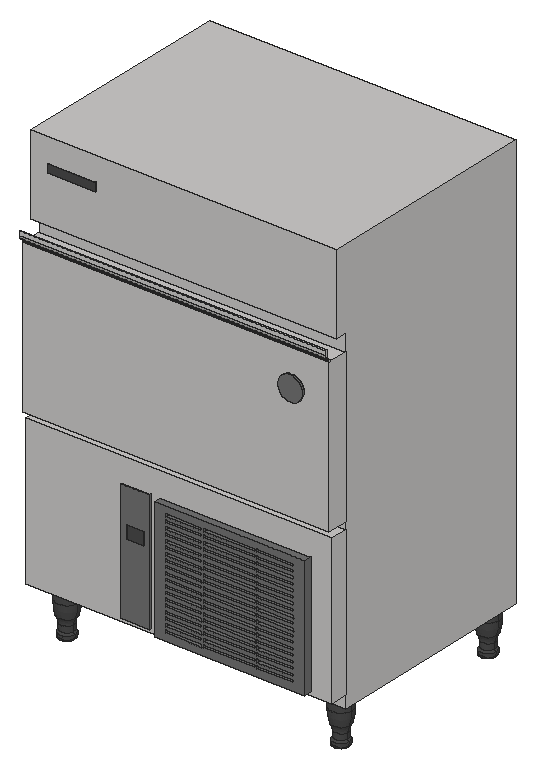
Revit family "QF_MACOM_HOSIM65NELM-2M", category Equipamento especial, Revit 2020 (continued)
Definition of nested family "QF_LOGO_HOSHIZAKI 1"
  Forms (mm)
    Extrusion 3, solid, not visible
      sketch origin (3085.008, -419.1, 126.552) x (1, 0, 0) y (0, 0, 1)
        loop
          line (686.067, 880.562) -> (686.409, 882.504)
          arc (686.409, 882.504) -> (686.179, 883.527) -> (685.288, 884.082) r 1.36
          line (685.288, 884.082) -> (683.311, 884.082)
        loop
          line (697.315, 880.397) -> (705.163, 880.397) -> (705.83, 882.373)
          arc (705.83, 882.373) -> (705.81, 884.438) -> (704.369, 885.917) r 2.775
          arc (704.369, 885.917) -> (703.131, 886.318) -> (701.837, 886.453) r 6.247
          line (701.837, 886.453) -> (697.664, 886.453)
          arc (697.664, 886.453) -> (696.133, 885.971) -> (694.779, 885.108) r 6.149
          arc (694.779, 885.108) -> (693.158, 882.996) -> (692.582, 880.397) r 6.149
          line (692.582, 880.397) -> (692.582, 877.437)
          arc (692.582, 877.437) -> (693.831, 876.188) -> (695.537, 875.731) r 3.412
          line (695.537, 875.731) -> (700.8, 875.731)
          arc (700.8, 875.731) -> (701.919, 875.863) -> (702.976, 876.252) r 4.807
          line (702.976, 876.252) -> (704.368, 879.237)
          arc (704.368, 879.237) -> (703.187, 878.73) -> (701.946, 878.396) r 8.986
          arc (701.946, 878.396) -> (699.995, 878.067) -> (698.044, 878.396) r 5.947
          arc (698.044, 878.396) -> (697.101, 879.186) -> (697.315, 880.397) r 1.229
        loop
          line (698.099, 882.153) -> (701.551, 882.153) -> (701.706, 883.03)
          arc (701.706, 883.03) -> (700.776, 883.982) -> (699.45, 884.082) r 1.885
          arc (699.45, 884.082) -> (698.436, 883.354) -> (698.099, 882.153) r 1.885
        loop
          line (709.07, 888.383) -> (705.783, 876.116) -> (710.856, 876.116) -> (714.143, 888.383) -> (709.07, 888.383)
        loop
          line (714.674, 880.397) -> (713.424, 875.731) -> (718.092, 875.731) -> (719.342, 880.397) -> (722.293, 880.397) -> (723.385, 883.631) -> (720.476, 883.631)
          arc (720.476, 883.631) -> (720.276, 884.339) -> (720.578, 885.009) r 1.075
          arc (720.578, 885.009) -> (722.147, 885.576) -> (723.803, 885.364) r 3.553
          line (723.803, 885.364) -> (724.8, 888.318)
          arc (724.8, 888.318) -> (721.29, 888.77) -> (717.78, 888.318) r 13.855
          arc (717.78, 888.318) -> (716.496, 886.966) -> (715.822, 885.227) r 4.811
          line (715.822, 885.227) -> (715.541, 883.631) -> (714.095, 883.631) -> (713.228, 880.397) -> (714.674, 880.397)
        loop
          arc (730.211, 886.398) -> (727.934, 886.087) -> (725.658, 886.398) r 8.498
          line (725.658, 886.398) -> (722.8, 875.731) -> (727.353, 875.731) -> (730.211, 886.398)
        loop
          arc (726.541, 889.303) -> (725.855, 888.282) -> (726.541, 887.26) r 1.104
          line (726.541, 887.26) -> (730.442, 887.26)
          arc (730.442, 887.26) -> (731.176, 888.158) -> (730.989, 889.303) r 1.412
          line (730.989, 889.303) -> (726.541, 889.303)
        loop
          line (735.415, 880.397) -> (743.263, 880.397) -> (743.93, 882.373)
          arc (743.93, 882.373) -> (743.91, 884.438) -> (742.469, 885.917) r 2.775
          arc (742.469, 885.917) -> (741.231, 886.318) -> (739.937, 886.453) r 6.247
          line (739.937, 886.453) -> (735.764, 886.453)
          arc (735.764, 886.453) -> (734.233, 885.971) -> (732.879, 885.108) r 6.149
          arc (732.879, 885.108) -> (731.258, 882.996) -> (730.682, 880.397) r 6.149
          line (730.682, 880.397) -> (730.682, 877.437)
          arc (730.682, 877.437) -> (731.931, 876.188) -> (733.637, 875.731) r 3.412
          line (733.637, 875.731) -> (738.9, 875.731)
          arc (738.9, 875.731) -> (740.019, 875.863) -> (741.076, 876.252) r 4.807
          line (741.076, 876.252) -> (742.468, 879.237)
          arc (742.468, 879.237) -> (741.287, 878.73) -> (740.046, 878.396) r 8.986
          arc (740.046, 878.396) -> (738.095, 878.067) -> (736.144, 878.396) r 5.947
          arc (736.144, 878.396) -> (735.201, 879.186) -> (735.415, 880.397) r 1.229
        loop
          line (736.199, 882.153) -> (739.651, 882.153) -> (739.806, 883.03)
          arc (739.806, 883.03) -> (738.876, 883.982) -> (737.55, 884.082) r 1.885
          arc (737.55, 884.082) -> (736.536, 883.354) -> (736.199, 882.153) r 1.885
        loop
          line (747.17, 888.383) -> (743.883, 876.116) -> (748.956, 876.116) -> (752.243, 888.383) -> (747.17, 888.383)
        loop
          line (761.958, 888.383) -> (760.779, 883.981)
          arc (760.779, 883.981) -> (760.596, 885.369) -> (759.486, 886.221) r 1.829
          arc (759.486, 886.221) -> (756.926, 886.445) -> (754.444, 885.78) r 7.399
          arc (754.444, 885.78) -> (752.299, 883.036) -> (751.576, 879.629) r 7.73
          line (751.576, 879.629) -> (751.576, 877.715)
          arc (751.576, 877.715) -> (752.113, 876.418) -> (753.411, 875.88) r 1.835
          line (753.411, 875.88) -> (756.548, 875.88)
          arc (756.548, 875.88) -> (757.899, 876.634) -> (759.08, 877.632) r 8.029
          line (759.08, 877.632) -> (758.674, 876.116) -> (763.517, 876.116) -> (766.804, 888.383) -> (761.958, 888.383)
        loop
          arc (758.072, 882.886) -> (756.774, 881.667) -> (756.347, 879.937) r 3.142
          arc (756.347, 879.937) -> (756.938, 878.815) -> (758.204, 878.75) r 1.281
          arc (758.204, 878.75) -> (759.496, 879.868) -> (760.104, 881.464) r 3.497
          arc (760.104, 881.464) -> (759.514, 882.782) -> (758.072, 882.886) r 1.408
        loop
          line (671.842, 895.798) -> (675.186, 895.798)
          arc (675.186, 895.798) -> (675.759, 896.828) -> (676.18, 897.93) r 8.324
          arc (676.18, 897.93) -> (676.329, 899.158) -> (675.863, 900.304) r 2.462
          arc (675.863, 900.304) -> (674.739, 901.412) -> (673.217, 901.831) r 3.127
          arc (673.217, 901.831) -> (671.616, 901.844) -> (670.015, 901.839) r 146.55
          arc (670.015, 901.839) -> (662.295, 899.902) -> (655.585, 895.623) r 24.827
          line (655.585, 895.623) -> (656.824, 895.623)
          arc (656.824, 895.623) -> (662.557, 898.998) -> (669.026, 900.553) r 22.56
          arc (669.026, 900.553) -> (670.923, 900.224) -> (672.406, 898.995) r 3.746
          arc (672.406, 898.995) -> (672.602, 897.312) -> (671.842, 895.798) r 2.956
        loop
          arc (669.395, 893.532) -> (665.373, 890.41) -> (660.649, 888.51) r 18.403
          arc (660.649, 888.51) -> (657.951, 887.877) -> (655.183, 887.994) r 10.211
          arc (655.183, 887.994) -> (653.479, 888.7) -> (652.773, 890.404) r 2.41
          arc (652.773, 890.404) -> (653.254, 892.208) -> (654.57, 893.532) r 3.619
          line (654.57, 893.532) -> (653.711, 893.762)
          arc (653.711, 893.762) -> (652.178, 891.509) -> (651.999, 888.789) r 5.19
          arc (651.999, 888.789) -> (653.147, 887.037) -> (655.186, 886.558) r 2.823
          arc (655.186, 886.558) -> (658.158, 886.436) -> (661.09, 886.933) r 14.261
          arc (661.09, 886.933) -> (667.429, 889.533) -> (672.994, 893.532) r 29.383
          line (672.994, 893.532) -> (669.395, 893.532)
      from 801.182 to 801.693
  Lines and regions (mm)
    Split face 1
      outline origin (407.985, -1.588, -1855.675) x (1, 0, 0) y (0, 0, 1)
        loop
          line (-403.435, 1860.08) -> (-400.94, 1860.08) -> (-400.94, 1863.356) -> (-397.041, 1863.356) -> (-397.041, 1860.08) -> (-394.545, 1860.08) -> (-394.545, 1868.659) -> (-397.041, 1868.659) -> (-397.041, 1865.383) -> (-400.94, 1865.383) -> (-400.94, 1868.659) -> (-403.435, 1868.659) -> (-403.435, 1860.08)
    Split face 2
      outline origin (407.985, -1.588, -1855.675) x (1, 0, 0) y (0, 0, 1)
        loop
          spline (-387.534, 1859.861) -> (-386.35, 1860.011) -> (-385.247, 1860.45) -> (-384.3, 1861.149) -> (-383.573, 1862.06) -> (-383.116, 1863.121) -> (-382.96, 1864.26) -> (-383.116, 1865.398) -> (-383.573, 1866.459) -> (-384.3, 1867.37) -> (-385.247, 1868.069) -> (-386.35, 1868.509) -> (-387.534, 1868.659)
          spline (-387.534, 1868.659) -> (-388.717, 1868.509) -> (-389.821, 1868.069) -> (-390.768, 1867.37) -> (-391.495, 1866.459) -> (-391.952, 1865.398) -> (-392.107, 1864.26) -> (-391.952, 1863.121) -> (-391.495, 1862.06) -> (-390.768, 1861.149) -> (-389.821, 1860.45) -> (-388.717, 1860.011) -> (-387.534, 1859.861)
    Split face 3
      outline origin (407.985, -1.588, -1855.675) x (1, 0, 0) y (0, 0, 1)
        loop
          spline (-387.675, 1860.426) -> (-386.939, 1860.556) -> (-386.253, 1860.939) -> (-385.664, 1861.549) -> (-385.212, 1862.343) -> (-384.928, 1863.267) -> (-384.831, 1864.26) -> (-384.928, 1865.252) -> (-385.212, 1866.177) -> (-385.664, 1866.971) -> (-386.253, 1867.58) -> (-386.939, 1867.963) -> (-387.675, 1868.094)
          spline (-387.675, 1868.094) -> (-388.411, 1867.963) -> (-389.096, 1867.58) -> (-389.685, 1866.971) -> (-390.137, 1866.177) -> (-390.421, 1865.252) -> (-390.518, 1864.26) -> (-390.421, 1863.267) -> (-390.137, 1862.343) -> (-389.685, 1861.549) -> (-389.096, 1860.939) -> (-388.411, 1860.556) -> (-387.675, 1860.426)
    Split face 4
      outline origin (407.985, -1.588, -1855.675) x (1, 0, 0) y (0, 0, 1)
        loop
          line (-372.857, 1868.659) -> (-373.719, 1868.659)
          arc (-373.719, 1868.659) -> (-378.183, 1869.275) -> (-381.268, 1865.99) r 4.908
          arc (-381.268, 1865.99) -> (-379.272, 1863.926) -> (-376.458, 1863.356) r 4.836
          arc (-376.458, 1863.356) -> (-374.82, 1863.105) -> (-374.569, 1861.467) r 1.4
          arc (-374.569, 1861.467) -> (-377.678, 1860.946) -> (-380.422, 1862.499) r 4.718
          line (-380.422, 1862.499) -> (-380.848, 1860.08) -> (-379.222, 1860.08)
          arc (-379.222, 1860.08) -> (-376.789, 1859.798) -> (-374.357, 1860.08) r 10.636
          arc (-374.357, 1860.08) -> (-372.63, 1862.259) -> (-374.357, 1864.438) r 2.238
          arc (-374.357, 1864.438) -> (-377.313, 1864.72) -> (-379.534, 1866.691) r 4.787
          arc (-379.534, 1866.691) -> (-375.989, 1868.167) -> (-372.857, 1865.946) r 3.963
          line (-372.857, 1865.946) -> (-372.857, 1868.659)
    Split face 5
      outline origin (407.985, -1.588, -1855.675) x (1, 0, 0) y (0, 0, 1)
        loop
          line (-370.597, 1860.08) -> (-368.102, 1860.08) -> (-368.102, 1863.356) -> (-364.203, 1863.356) -> (-364.203, 1860.08) -> (-361.707, 1860.08) -> (-361.707, 1868.659) -> (-364.203, 1868.659) -> (-364.203, 1865.383) -> (-368.102, 1865.383) -> (-368.102, 1868.659) -> (-370.597, 1868.659) -> (-370.597, 1860.08)
    Split face 6
      outline origin (407.985, -1.588, -1855.675) x (1, 0, 0) y (0, 0, 1)
        loop
          line (-355.357, 1860.08) -> (-355.357, 1868.659) -> (-357.853, 1868.659) -> (-357.853, 1860.08) -> (-355.357, 1860.08)
    Split face 7
      outline origin (407.985, -1.588, -1855.675) x (1, 0, 0) y (0, 0, 1)
        loop
          line (-352.268, 1865.383) -> (-350.513, 1865.383) -> (-350.513, 1868.049) -> (-346.614, 1868.049) -> (-346.614, 1867.064) -> (-352.268, 1861.41) -> (-352.268, 1860.08) -> (-343.455, 1860.08) -> (-343.455, 1863.356) -> (-345.093, 1863.356) -> (-345.093, 1861.41) -> (-349.616, 1861.41) -> (-343.455, 1867.571) -> (-343.455, 1868.659) -> (-352.268, 1868.659) -> (-352.268, 1865.383)
    Split face 8
      outline origin (407.985, -1.588, -1855.675) x (1, 0, 0) y (0, 0, 1)
        loop
          line (-341.623, 1860.195) -> (-337.662, 1860.195) -> (-339.188, 1861.007) -> (-338.543, 1862.777) -> (-335.356, 1862.777) -> (-334.588, 1861.13) -> (-335.839, 1860.08) -> (-331.172, 1860.08) -> (-335.172, 1868.659) -> (-337.123, 1868.659) -> (-341.623, 1860.195)
    Split face 9
      outline origin (407.985, -1.588, -1855.675) x (1, 0, 0) y (0, 0, 1)
        loop
          line (-338.126, 1863.924) -> (-336.002, 1863.924) -> (-337.195, 1866.482) -> (-338.126, 1863.924)
    Split face 10
      outline origin (407.985, -1.588, -1855.675) x (1, 0, 0) y (0, 0, 1)
        loop
          line (-328.95, 1868.659) -> (-328.95, 1860.08) -> (-325.943, 1860.08) -> (-327.194, 1861.571) -> (-325.691, 1863.362) -> (-322.978, 1861.085) -> (-323.867, 1860.195) -> (-319.292, 1860.195) -> (-323.944, 1864.847) -> (-320.132, 1868.659) -> (-324.619, 1868.659) -> (-323.655, 1867.51) -> (-326.84, 1864.326) -> (-326.84, 1867.632) -> (-325.813, 1868.659) -> (-328.95, 1868.659)
    Split face 11
      outline origin (407.985, -1.588, -1855.675) x (1, 0, 0) y (0, 0, 1)
        loop
          line (-314.03, 1860.08) -> (-314.03, 1868.659) -> (-316.525, 1868.659) -> (-316.525, 1860.08) -> (-314.03, 1860.08)
  Dimensions and locks
    locked: Extrusion 1 sketch curve to Extrusion 1 sketch curve at 16.794
    aligned and locked: level to plane 2
Definition of nested family "QF_Hoshizaki_Logo_minor"
  Parameters (values of type "QF_Hoshizaki_Logo_minor")
    Weight in Pounds = 0
    URL Cutsheet = ""
    Type Mark [instance] = ""
    Status [instance] = ""
    Specification by User [instance] = ""
    Specification by Manufacturer = ""
    Show Logo [instance] = yes
    Serial Number [instance] = ""
    Seismic Rating = ""
    SMACNA No = ""
    Revision Code [instance] = ""
    Omniclass Number and Title = ""
    NAFEM Spec ID Number = ""
    MasterSpec. = "11 40 00"
    Item Number [instance] = ""
    Installed By [instance] = ""
    Identify Quantity as Lot [instance] = yes
    Furnished By [instance] = ""
    Foodservice Equipment Identifier [instance] = yes
    Default Elevation = 1219.2 mm
    CSI MasterFormat = "11 40 00"
    Assembly Code = "E1090300"
  Reference planes
    plane 1: z = 0
    plane 2 "Center (Left/Right)": x = 1219.2
    plane 3 "Center (Front/Back)": y = -1219.2
    plane 4: z = 25.4
    plane 5 "L": x = 1193.8
    plane 6 "R": x = 1244.6
  Forms (mm)
    Extrusion 1, solid, visible <- "Show Logo"
      sketch origin (1267.55, -1219.2, 88.736) x (0, 0, -1) y (1, 0, 0)
        loop
          circle (63.336, -48.35) r 25.4
      from 0 to 3.175
  Lines and regions (mm)
    Split face 1
      outline origin (1267.55, -1222.375, 88.736) x (0, 0, -1) y (1, 0, 0)
        loop
          line (74.868, -35.556) -> (60.879, -36.703) -> (55.307, -45.687)
          arc (55.307, -45.687) -> (64.924, -42.365) -> (74.868, -44.516) r 18.88
          line (74.868, -44.516) -> (74.868, -35.556)
    Split face 2
      outline origin (1267.55, -1222.375, 88.736) x (0, 0, -1) y (1, 0, 0)
        loop
          line (62.494, -52.958) -> (58.526, -58.861) -> (61.435, -63.061) -> (63.114, -63.449) -> (68.567, -63.449) -> (74.493, -61.168) -> (77.47, -55.814) -> (74.868, -55.814) -> (62.494, -52.958)
    Split face 3
      outline origin (1267.55, -1222.375, 88.736) x (0, 0, -1) y (1, 0, 0)
        loop
          line (77.268, -44.516) -> (76.58, -45.539) -> (77.552, -47.223) -> (76.427, -47.872) -> (76.925, -49.166) -> (78.325, -49.489) -> (78.325, -44.516) -> (77.268, -44.516)
    Split face 4
      outline origin (1267.55, -1222.375, 88.736) x (0, 0, -1) y (1, 0, 0)
        loop
          line (77.47, -55.814) -> (70.252, -49.758) -> (72.168, -48.652) -> (71.424, -45.877) -> (70.362, -44.814) -> (65.564, -47.584) -> (60.879, -47.584) -> (56.481, -50.123) -> (55.306, -51.298) -> (55.306, -45.687) -> (51.858, -44.891) -> (50.298, -46.451) -> (49.289, -47.46) -> (49.289, -49.006) -> (50.134, -50.469) -> (52.623, -52.958) -> (56.804, -52.958) -> (62.494, -52.958)
    Split face 5
      outline origin (1267.55, -1222.375, 88.736) x (0, 0, -1) y (1, 0, 0)
        loop
          line (77.47, -55.814) -> (76.925, -49.166)
        loop
          arc (76.58, -45.539) -> (75.738, -45.005) -> (74.868, -44.516) r 18.875
    Split face 6
      outline origin (1267.55, -1222.375, 88.736) x (0, 0, -1) y (1, 0, 0)
        loop
          circle (63.336, -48.35) r 20.267
  Dimensions and locks
    aligned and locked: level to plane 1
